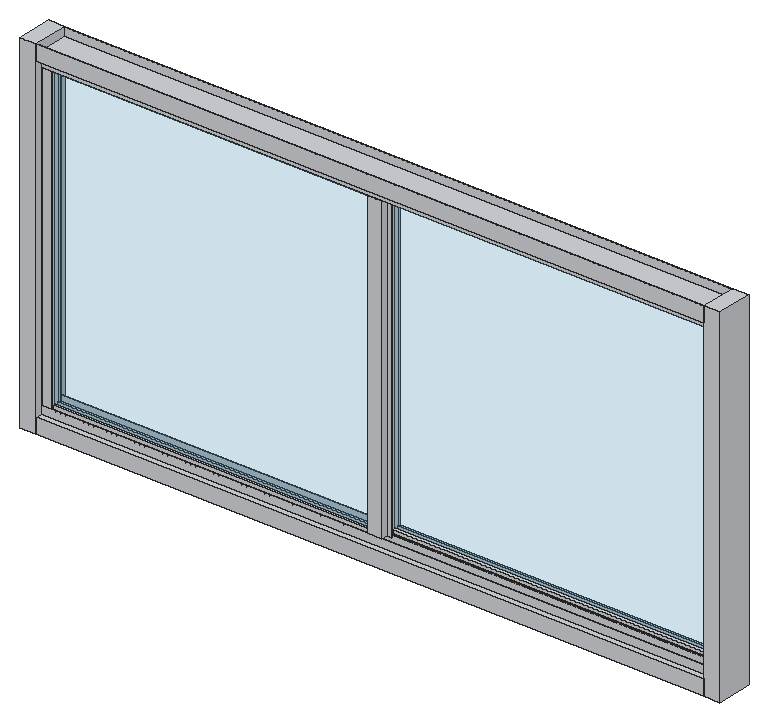
Revit family "MT-VMS_DB-SG_OX", category Windows, host Wall, Revit 2017
Family settings
  Host = Wall
  OmniClass Number = 23.30.20.00
  OmniClass Title = Windows
  Always vertical = Yes
  Cut with Voids When Loaded = No
  Shared = No
  Room Calculation Point = No
Parameters
  YEAR = "2019"  # constant formula
  WARNING = if(or(Height = Max Height, Width = Max Width), 1 = 1, 1 = 0)  # no
  VERSION = "2.1"  # constant formula
  URL = "WWW.ALSPEC.COM.AU"
  TOLERANCE = 10 mm
  TODAYS DATE = "2/12/2018"  # constant formula
  SINGLE GLAZED THICKNESS = 5 mm
  Rough Width = 2000 mm
  Rough Height = 1000 mm
  OFFSET = 30 mm
  Model = "VIEWMAX SLIDING WINDOW"  # constant formula
  Max Width = if([76mm FRAME THICKNESS], ((MAX PANEL WIDTH + 31 mm) * 2), ((MAX PANEL WIDTH + 40 mm) * 2))  # 2480 mm
  Max Height = if([76mm FRAME THICKNESS], (MAX PANEL HEIGHT + 41 mm + 36 mm), (MAX PANEL HEIGHT + 50 mm + 56 mm))  # 1706 mm
  MAX PANEL WIDTH = 1200 mm  # constant formula
  MAX PANEL HEIGHT = 1600 mm  # constant formula
  Height = if(Rough Height > Max Height, Max Height, Rough Height)  # 1000 mm
  GLAZED MATERIAL = Glass
  FRAME MATERIAL = none
  Default Sill Height = 900 mm
  Wall Closure = By host
  Width = if(Rough Width > Max Width, Max Width, Rough Width)  # 2000 mm
  DOUBLE GLAZED THICKNESS = 15 mm
  DOUBLE GLAZED = no
  CREATOR = "SCOTT ISOUARD"  # constant formula
  COMPANY = "ARCHVIS"  # constant formula
  Analytic Construction = "<None>"
  ANZRC COMPLIANT = "YES"  # constant formula
  AIR POCKET = 5 mm
  76mm FRAME THICKNESS = not([101.6mm FRAME THICKNESS])  # no
  101.6mm FRAME THICKNESS = yes
Reference planes
  plane 1 "Center (Front/Back)": y = 0
  plane 2 "Center (Left/Right)": x = 0
  plane 3 "Left": x = -1000
  plane 4 "Right": x = 1000
  plane 5 "Sill": z = 900
  plane 6 "Head": z = 1900
  plane 7 "Exterior": y = 100
  plane 8 "Interior": y = -100
  plane 9: y = 70
  plane 10: x = -1010
  plane 11: x = 1010
  plane 12: z = 890
  plane 13: z = 1910
Lines and regions (mm)
  Opening 1
    outline origin (3500, -100, 0) x (1, 0, 0) y (0, 0, 1)
      loop
        line (-2490, 890) -> (-2490, 1910) -> (-4510, 1910) -> (-4510, 890) -> (-2490, 890)
Text (mm)
  text "EXTERIOR" at (-1963.203, 1332.353, 0), in view "Ref. Level"
  text "INTERIOR" at (-1981.466, -818.386, 0), in view "Ref. Level"
  text "Exterior" at (0, 923.751, 2943.296), in view "Right"
  text "Exterior" at (0, 1040.484, 2685.409), in view "Left"
Dimensions and locks
  equal spacing: plane 3 "Left", plane 2 "Center (Left/Right)", plane 4 "Right"
  "Width": plane 3 "Left" to plane 4 "Right"
  "Height": plane 5 "Sill" to plane 6 "Head"
  "Default Sill Height": plane 5 "Sill" to level
  locked: plane 7 "Exterior" to host wall at 0
  locked: plane 8 "Interior" to host wall
  "OFFSET": plane 9 to plane 7 "Exterior"
  "TOLERANCE": plane 10 to plane 3 "Left"
  "TOLERANCE": plane 4 "Right" to plane 11
  "TOLERANCE": plane 6 "Head" to plane 13
  "TOLERANCE": plane 12 to plane 5 "Sill"
  aligned and locked: Opening 1 sketch curve to plane 13
  aligned and locked: Opening 1 sketch curve to plane 11
  aligned and locked: Opening 1 sketch curve to plane 12
  aligned and locked: Opening 1 sketch curve to plane 10
  aligned and locked: nested 1 to plane 2 "Center (Left/Right)"
  aligned and locked: nested 2 to plane 2 "Center (Left/Right)"
  aligned and locked: nested 2 to plane 9
  aligned and locked: nested 2 to plane 5 "Sill"
  aligned and locked: nested 3 to plane 5 "Sill"
  aligned and locked: nested 3 to plane 2 "Center (Left/Right)"
  aligned and locked: nested 3 to plane 9
Nested families
  nested 1: "WARNING TAG" at (0, -1836.503, 0), MAX.WIDTH <- "MAX PANEL WIDTH", visible <- "WARNING", type "WARNING TAG"
    with MAX.WIDTH 1200 mm
  nested 2: "VMS_DB-SG_OX_76mm" at (0, 70, 900), visible <- "76mm FRAME THICKNESS", Sash Material <- "FRAME MATERIAL", type "VMS_DB-SG_OX_76mm"
  nested 3: "VMS_DB-SG_OX_101mm" at (0, 70, 900), visible <- "101.6mm FRAME THICKNESS", Sash Material <- "FRAME MATERIAL", type "VMS_DB-SG_OX_101mm"
Definition of nested family "VMS_DB-SG_OX_76mm"
  Parameters (values of type "VMS_DB-SG_OX_76mm")
    WIDTH = 2000 mm
    Sash Material [instance] = none
    SINGLE GLAZED THICKNESS = 5 mm
    PANEL WIDTH = (WIDTH / 2 - 31 mm)  # 969 mm
    PANEL HEIGHT = HEIGHT - 36 mm - 41 mm  # 923 mm
    HEIGHT = 1000 mm
    HAFT PANEL WIDTH = (PANEL WIDTH + 1 mm - 1 mm) / 2 + 1.8 mm  # 486.3 mm
    GLAZED MATERIAL = none
    FRAME WIDTH = 35 mm  # constant formula
    FRAME THICKNESS = 76 mm  # constant formula
    FRAME MATERIAL = none
    DOUBLE GLAZED THICKNESS = 15 mm
    DOUBLE GLAZED = no
    AIR POCKET = 5 mm
  Reference planes
    plane 1 "Center (Front/Back)": y = 0
    plane 2: z = 0
    plane 3 "Center (Left/Right)": x = 0
    plane 4: y = -76
    plane 5: x = -1000
    plane 6: x = 1000
    plane 7: x = -965
    plane 8: x = 965
    plane 9: z = 1000
    plane 10: z = 36
    plane 11: z = 959
    plane 12: y = -54
    plane 13: y = -22
    plane 14: x = -478.7
    plane 15: x = 478.7
  Forms (mm)
    Extrusion 1, solid, material <- "Sash Material"
      sketch origin (0, 0, 0) x (1, 0, 0) y (0, 1, 0)
        loop
          line (-1000, 0) -> (-1000, -76) -> (-965, -76) -> (-965, 0) -> (-1000, 0)
        loop
          line (965, 0) -> (965, -76) -> (1000, -76) -> (1000, 0) -> (965, 0)
      from 0 to 1000
    Sweep 2, solid, material <- "Sash Material"
      path origin (0, 0, 0) x (1, 0, 0) y (0, 0, 1)
        loop
          line (965, 1000) -> (-965, 1000)
      profile "VMS_VM8_HEAD DETAIL : VMS_VM8_HEAD DETAIL" origin (0, 0, 1000) x (0, 0, -1) y (0, -1, 0)
        loop
          line (0, 0) -> (35, 0) -> (35, 5.5) -> (59, 5.5) -> (59, 7.3) -> (33.2, 7.3) -> (33.2, 1.8) -> (16.1, 1.8) -> (16.1, 37.2) -> (59, 37.2) -> (59, 38.8) -> (16.1, 38.8) -> (16.1, 74.2) -> (33.2, 74.2) -> (33.2, 68.7) -> (59, 68.7) -> (59, 70.5) -> (35, 70.5) -> (35, 76) -> (0, 76) -> (0, 74.5) -> (14.5, 74.5) -> (14.5, 1.5) -> (0, 1.5) -> (0, 0)
    Sweep 3, solid, material <- "Sash Material"
      path origin (0, 0, 0) x (1, 0, 0) y (0, 0, 1)
        loop
          line (965, 0) -> (-965, 0)
      profile "VMS_VM10_BOT DETAIL : VMS_VM10_BOT DETAIL" origin (0, 0, 0) x (0, 0, -1) y (0, -1, 0)
        loop
          line (-14.448, 1.5) -> (-14.448, 38) -> (-18.196, 38) -> (-18.196, 74.4) -> (0, 74.4) -> (0, 76) -> (-27.256, 76) -> (-31.278, 70.723) -> (-56.143, 70.723) -> (-56.143, 68.723) -> (-31.278, 68.723) -> (-31.278, 38.823) -> (-56.143, 38.823) -> (-56.143, 37.223) -> (-31.278, 37.223) -> (-31.278, 7.323) -> (-56.143, 7.323) -> (-56.143, 5.323) -> (-31.278, 5.323) -> (-27.291, 0) -> (0, 0) -> (0, 1.5) -> (-14.448, 1.5)
        loop
          line (-29.678, 70.183) -> (-29.678, 5.689) -> (-26.54, 1.5) -> (-15.948, 1.5) -> (-15.948, 36.6) -> (-19.696, 36.6) -> (-19.696, 74.4) -> (-26.464, 74.4) -> (-29.678, 70.183)
    Sweep 4, solid, material <- "Sash Material"
      path origin (0, 0, 0) x (1, 0, 0) y (0, 0, 1)
        loop
          line (-965, 941) -> (-965, 56.143)
      profile "VMS_VM11_SILL DETAIL : VMS_VM11_SILL DETAIL" origin (-965, 0, 498.571) x (1, 0, 0) y (0, -1, 0)
        loop
          line (0, 37.2) -> (29.712, 37.2) -> (29.712, 38.8) -> (1.8, 38.8) -> (1.8, 68.7) -> (29.712, 68.7) -> (29.712, 70.7) -> (0, 70.7) -> (0, 37.2)
    Sweep 5, solid, material <- "Sash Material"
      path origin (0, 0, 0) x (1, 0, 0) y (0, 0, 1)
        loop
          line (965, 941) -> (965, 56.143)
      profile "VMS_VM12_SILL DETAIL : VMS_VM12_SILL DETAIL" origin (965, 0, 498.571) x (1, 0, 0) y (0, -1, 0)
        loop
          line (-1.5, 37.2) -> (-1.5, 7.3) -> (-29.712, 7.3) -> (-29.712, 5.3) -> (0, 5.3) -> (0, 70.7) -> (-7.5, 70.7) -> (-7.5, 69) -> (-1.5, 69) -> (-1.5, 55.4) -> (-15, 55.4) -> (-15, 53.9) -> (-1.5, 53.9) -> (-1.5, 38.8) -> (-29.712, 38.8) -> (-29.712, 37.2) -> (-1.5, 37.2)
    Sweep 6, solid, material <- "Sash Material"
      path origin (-870.249, -54, 1200) x (-1, 0, 0) y (0, 0, 1)
        loop
          line (-870.249, -259) -> (-870.249, -1143.857)
      profile "VMS_VM9_INTERLOCK : VMS_VM9_INTERLOCK" origin (0, -54, 498.571) x (-1, 0, 0) y (0, 1, 0)
        loop
          line (19.712, -13.356) -> (-18.2, -13.356) -> (-18.2, 13.544) -> (19.712, 13.544) -> (19.712, 15.044) -> (-18.2, 15.044) -> (-18.2, 18.379) -> (-8.692, 19.257) -> (-8.692, 20.102) -> (-20, 20.102) -> (-20, -0.056) -> (-35, -0.056) -> (-35, -1.556) -> (-20, -1.556) -> (-20, -16.856) -> (19.712, -16.856) -> (19.712, -13.356)
  Lines and regions (mm)
    Masking region 1, detail levels coarse
      outline origin (0, 0, 0) x (1, 0, 0) y (0, 1, 0)
        loop
          line (-1000, 0) -> (-1000, -76) -> (-965, -76) -> (-965, 0) -> (-1000, 0)
        loop
          line (965, 0) -> (965, -76) -> (1000, -76) -> (1000, 0) -> (965, 0)
    Masking region 2, detail levels coarse
      outline origin (0, 0, 0) x (0, 1, 0) y (0, 0, 1)
        loop
          line (-76, 959) -> (0, 959) -> (0, 1000) -> (-76, 1000) -> (-76, 959)
        loop
          line (0, 27.291) -> (-5.323, 31.278) -> (-5.323, 36) -> (-70.723, 36) -> (-70.723, 31.278) -> (-76, 27.256) -> (-76, 0) -> (0, 0) -> (0, 27.291)
    symbolic lines
      curve 1: line (-965, 0, 0) -> (965, 0, 0)
      curve 2: line (-965, -76, 0) -> (965, -76, 0)
  Dimensions and locks
    equal spacing: plane 5, plane 3 "Center (Left/Right)", plane 6
    "FRAME THICKNESS": plane 4 to plane 1 "Center (Front/Back)"
    "FRAME WIDTH": plane 5 to plane 7
    "FRAME WIDTH": plane 8 to plane 6
    "WIDTH": plane 5 to plane 6
    "HEIGHT": plane 9 to plane 2
    locked: plane 9 to plane 11 at 41
    plane 10 to plane 2 = 36 mm
    locked: plane 13 to plane 1 "Center (Front/Back)" at 22
    locked: plane 12 to plane 4 at 22
    "HAFT PANEL WIDTH": plane 7 to plane 14
    "HAFT PANEL WIDTH": plane 15 to plane 8
    aligned and locked: level to plane 2
    aligned and locked: plane 1 "Center (Front/Back)" to Extrusion 1 sketch curve  (x2)
    aligned and locked: plane 5 to Extrusion 1 sketch curve
    aligned and locked: plane 4 to Extrusion 1 sketch curve  (x2)
    aligned and locked: Extrusion 1 sketch curve to plane 7
    aligned and locked: plane 8 to Extrusion 1 sketch curve
    aligned and locked: Extrusion 1 sketch curve to plane 6
    aligned and locked: plane 9 to Extrusion 1
    aligned and locked: Extrusion 1 to level
    aligned and locked: plane 9 to Sweep 2 sketch curve
    aligned and locked: plane 8 to Sweep 2 sketch curve
    aligned and locked: plane 7 to Sweep 2 sketch curve
    aligned and locked: plane 2 to Sweep 3 sketch curve
    aligned and locked: plane 8 to Sweep 3 sketch curve
    aligned and locked: plane 7 to Sweep 3 sketch curve
    aligned and locked: Sweep 4 sketch curve to plane 7
    aligned and locked: Sweep 4 sketch curve to Sweep 2
    aligned and locked: Sweep 3 to Sweep 4 sketch curve
    aligned and locked: Sweep 5 sketch curve to plane 8
    aligned and locked: Sweep 2 to Sweep 5 sketch curve
    aligned and locked: Sweep 5 sketch curve to Sweep 3
    aligned and locked: plane 15 to nested 1
    aligned and locked: nested 1 to plane 10
    aligned and locked: nested 1 to plane 13
    aligned and locked: plane 14 to nested 2
    aligned and locked: plane 12 to nested 2
    aligned and locked: nested 2 to plane 10
    aligned and locked: nested 3 to plane 7
    aligned and locked: Sweep 4 to nested 3
    aligned and locked: plane 3 "Center (Left/Right)" to Sweep 6 sketch curve
    aligned and locked: Sweep 2 to Sweep 6 sketch curve
    aligned and locked: Sweep 3 to Sweep 6 sketch curve
    aligned and locked: plane 7 to curve 1
    aligned and locked: plane 8 to curve 1
    aligned and locked: plane 8 to curve 2
    aligned and locked: plane 7 to curve 2
    aligned and locked: plane 1 "Center (Front/Back)" to curve 1
    aligned and locked: curve 2 to plane 4
    aligned and locked: Masking region 1 sketch curve to Extrusion 1  (x4)
    aligned and locked: Masking region 1 sketch curve to Sweep 3  (x3)
    aligned and locked: Sweep 3 to Masking region 1 sketch curve
    aligned and locked: plane 1 "Center (Front/Back)" to nested 4
    aligned and locked: nested 4 to plane 7
    aligned and locked: plane 8 to nested 5
    aligned and locked: plane 1 "Center (Front/Back)" to nested 5
    aligned and locked: plane 7 to nested 6
    aligned and locked: plane 1 "Center (Front/Back)" to nested 6
    aligned and locked: nested 7 to plane 8
    aligned and locked: plane 1 "Center (Front/Back)" to nested 7
    aligned and locked: Masking region 2 sketch curve to plane 11
    aligned and locked: Masking region 2 sketch curve to plane 4
    aligned and locked: Masking region 2 sketch curve to Extrusion 1  (x2)
    aligned and locked: Extrusion 1 to Masking region 2 sketch curve
    aligned and locked: Masking region 2 sketch curve to Sweep 3  (x3)
    aligned and locked: Masking region 2 sketch curve to nested 1
    aligned and locked: Sweep 3 to Masking region 2 sketch curve
    aligned and locked: nested 8 to plane 9
    aligned and locked: plane 4 to nested 8
    aligned and locked: nested 9 to plane 9
    aligned and locked: plane 4 to nested 9
    aligned and locked: nested 10 to plane 2
    aligned and locked: plane 4 to nested 10
    aligned and locked: nested 11 to level
    aligned and locked: nested 11 to Extrusion 1
  Automatic sketch dimensions
    plane 1 "Center (Front/Back)" to Masking region 2 sketch curve = 5.323 mm
    Masking region 2 sketch curve to plane 10 = 4.722 mm
    Masking region 2 sketch curve to Masking region 2 sketch curve = 3.988 mm
  Nested families
    nested 1: "VMS_DB-SG_GLAZED PANEL" at (478.7, -22, 36), Sash Material <- "FRAME MATERIAL", type "VMS_DB-SG_GLAZED PANEL"
      with OPEN yes
    nested 2: "VMS_DB-SG_GLAZED PANEL" at (-478.7, -54, 36) x (-1, 0, 0) z (0, 0, 1), Sash Material <- "FRAME MATERIAL", type "VMS_DB-SG_GLAZED PANEL"
      with OPEN no
    nested 3: "VMS_VM11_SILL DETAIL_FINE" at (-965, -37.2, 0) x (0, -1, 0) z (0, 0, 1), type "VMS_VM11_SILL DETAIL_FINE", detail levels fine
    nested 4: "MAIN FRAME 76MM_MEDIUM" at (-1000, 0, 0), type "MAIN FRAME 76MM_MEDIUM", detail levels medium
    nested 5: "MAIN FRAME 76MM_MEDIUM" at (1000, -76, 0) x (-1, 0, 0) z (0, 0, 1), type "MAIN FRAME 76MM_MEDIUM", detail levels medium
    nested 6: "AS1C CAVITY MAIN FRAME" at (-965, 0, 0), type "AS1C CAVITY MAIN FRAME", detail levels fine
    nested 7: "AS1C CAVITY MAIN FRAME" at (965, -76, 0) x (-1, 0, 0) z (0, 0, 1), type "AS1C CAVITY MAIN FRAME", detail levels fine
    nested 8: "VMS_VM8_HEAD DETAIL_MEDIUM" at (0, -76, 1000) x (0, 1, 0) z (1, 0, 0), type "VMS_VM8_HEAD DETAIL_MEDIUM", detail levels medium
    nested 9: "VMS_VM8_HEAD DETAIL_FINE" at (0, -76, 1000) x (0, 1, 0) z (1, 0, 0), type "VMS_VM8_HEAD DETAIL_FINE", detail levels fine
    nested 10: "VMS_VM10_BOT DETAIL_MEDIUM" at (0, -76, 0) x (0, 1, 0) z (1, 0, 0), type "VMS_VM10_BOT DETAIL_MEDIUM", detail levels medium
    nested 11: "VMS_VM10_BOT DETAIL_FINE" at (0, -76, 0) x (0, 1, 0) z (1, 0, 0), type "VMS_VM10_BOT DETAIL_FINE", detail levels fine
  Definition of nested family "VMS_DB-SG_GLAZED PANEL"
    Parameters (values of type "VMS_DB-SG_GLAZED PANEL")
      YEAR = "2018"  # constant formula
      VERSION = "2.0"  # constant formula
      TODAYS DATE = "22/11/2018"  # constant formula
      Sash Material [instance] = none
      SINGLE GLAZED THICKNESS = 5 mm
      SINGLE GLAZED = not(DOUBLE GLAZED)  # yes
      PANEL WIDTH = 969 mm
      PANEL HEIGHT = 923 mm
      OPEN [instance] = yes
      GLAZED WIDTH [instance] = 933 mm
      GLAZED RAIL MATERIAL = none
      GLAZED MATERIAL = none
      DOUBLE GLAZED THICKNESS = 15 mm
      DOUBLE GLAZED = no
      CREATOR = "Scott Isouard"  # constant formula
      COMPANY = "Archvis"  # constant formula
      Analytic Construction = "<None>"
      ANZRC COMPLIANT = "Yes"  # constant formula
      AIR POCKET = DOUBLE GLAZED THICKNESS - 10 mm  # 5 mm
    Reference planes
      plane 1 "Center (Front/Back)": y = 0
      plane 2: z = 0
      plane 3 "Center (Left/Right)": x = 0
      plane 4: x = -484.5
      plane 5: x = 484.5
      plane 6: x = -466.5
      plane 7: x = 466.5
      plane 8: z = 923
      plane 9: z = 903
      plane 10: z = 20
      plane 11: z = 461.5
      plane 12: x = -456.586
      plane 13: x = 456.5
      plane 14: z = 10
      plane 15: z = 913
    Forms (mm)
      Extrusion 1, solid, material <- "GLAZED MATERIAL", visible <- "SINGLE GLAZED"
        sketch origin (0, 0, 0) x (1, 0, 0) y (0, 1, 0)
          loop
            line (-466.5, 2.5) -> (-466.5, -2.5) -> (466.5, -2.5) -> (466.5, 2.5) -> (-466.5, 2.5)
        from 10 to 913
      Extrusion 2, solid, material <- "GLAZED MATERIAL", visible <- "DOUBLE GLAZED"
        sketch origin (0, 0, 0) x (1, 0, 0) y (0, 1, 0)
          loop
            line (-466.5, 7.5) -> (-466.5, 2.5) -> (466.5, 2.5) -> (466.5, 7.5) -> (-466.5, 7.5)
          loop
            line (-466.5, -2.5) -> (-466.5, -7.5) -> (466.5, -7.5) -> (466.5, -2.5) -> (-466.5, -2.5)
        from 10 to 913
      Sweep 3, solid, material <- "Sash Material"
        path origin (0, 0, 0) x (1, 0, 0) y (0, 0, 1)
          loop
            line (-484.5, 923) -> (-484.5, 0)
        profile "VM__PROFILE_SACH SILL : VM__PROFILE_SACH SILL" origin (-484.5, 0, 461.5) x (1, 0, 0) y (0, -1, 0)
          loop
            line (0, 13.45) -> (0, -13.45) -> (28, -13.45) -> (28, -9.95) -> (10, -9.95) -> (10, 9.95) -> (28, 9.95) -> (28, 13.45) -> (0, 13.45)
      Sweep 4, solid, material <- "Sash Material"
        path origin (0, 0, 0) x (1, 0, 0) y (0, 0, 1)
          loop
            line (484.5, 923) -> (484.5, 0)
        profile "VM__PROFILE_SACH SILL : VM__PROFILE_SACH SILL" origin (484.5, 0, 461.5) x (1, 0, 0) y (0, -1, 0)
          loop
            line (0, 13.45) -> (-28, 13.45) -> (-28, 9.95) -> (-10, 9.95) -> (-10, -9.95) -> (-28, -9.95) -> (-28, -13.45) -> (0, -13.45) -> (0, 13.45)
      Sweep 5, solid, material <- "Sash Material"
        path origin (0, 0, 0) x (1, 0, 0) y (0, 0, 1)
          loop
            line (-456.586, 923) -> (456.5, 923)
        profile "VM__PROFILE_GLAZED RAIL : VM__PROFILE_GLAZED RAIL" origin (-0.043, 0, 923) x (0, 0, 1) y (0, -1, 0)
          loop
            line (-5.417, -13.45) -> (0, -8.033) -> (0, 8.033) -> (-5.417, 13.45) -> (-19.826, 13.45) -> (-19.826, 6.25) -> (-10, 6.25) -> (-10, -6.25) -> (-19.826, -6.25) -> (-19.826, -13.45) -> (-5.417, -13.45)
      Sweep 6, solid, material <- "Sash Material"
        path origin (0, 0, 0) x (1, 0, 0) y (0, 0, 1)
          loop
            line (456.5, 0) -> (-456.586, 0)
        profile "VM__PROFILE_GLAZED RAIL : VM__PROFILE_GLAZED RAIL" origin (-0.043, 0, 0) x (0, 0, -1) y (0, -1, 0)
          loop
            line (-5.417, -13.45) -> (0, -8.033) -> (0, 8.033) -> (-5.417, 13.45) -> (-19.826, 13.45) -> (-19.826, 6.25) -> (-10, 6.25) -> (-10, -6.25) -> (-19.826, -6.25) -> (-19.826, -13.45) -> (-5.417, -13.45)
    Lines and regions (mm)
      Masking region 1, detail levels coarse
        outline origin (0, 0, 0) x (1, 0, 0) y (0, 1, 0)
          loop
            line (-456.586, 13.45) -> (-484.5, 13.45) -> (-484.5, -13.45) -> (-456.586, -13.45) -> (-456.586, 13.45)
          loop
            line (456.5, 13.45) -> (456.5, -13.45) -> (484.5, -13.45) -> (484.5, 13.45) -> (456.5, 13.45)
      Masking region 2, detail levels coarse
        outline origin (0, 0, 0) x (0, 1, 0) y (0, 0, 1)
          loop
            line (13.45, 923) -> (-13.45, 923) -> (-13.45, 903.174) -> (13.45, 903.174) -> (13.45, 923)
          loop
            line (13.45, 20) -> (-13.45, 20) -> (-13.45, 0) -> (13.45, 0) -> (13.45, 20)
      model lines, visible <- "OPEN", not visible
        curve 1: line (116.296, -13.45, 713.931) -> (-19.098, -13.45, 715.656)
        curve 2: line (-134.348, -13.45, 741.334) -> (8.162, -13.45, 666.42)
        curve 3: line (8.162, -13.45, 666.42) -> (-19.098, -13.45, 715.656)
        curve 4: line (116.912, -13.45, 762.344) -> (-18.481, -13.45, 764.068)
        curve 5: line (-134.348, -13.45, 741.334) -> (10.023, -13.45, 812.593)
        curve 6: line (10.023, -13.45, 812.593) -> (-18.481, -13.45, 764.068)
        curve 7: line (116.296, -13.45, 713.931) -> (116.912, -13.45, 762.344)
        curve 8: line (116.604, -13.45, 738.138) -> (-134.348, -13.45, 741.334)
        curve 9: line (-2.207, 13.452, 837.659) -> (-4.793, 13.452, 634.675)
      model lines, visible <- "OPEN"
        curve 10: line (120.069, -13.45, 485.708) -> (-15.335, -13.45, 485.708)
        curve 11: line (-130.903, -13.45, 461.5) -> (12.549, -13.45, 534.592)
        curve 12: line (12.549, -13.45, 534.592) -> (-15.335, -13.45, 485.708)
        curve 13: line (120.069, -13.45, 437.292) -> (-15.335, -13.45, 437.292)
        curve 14: line (-130.903, -13.45, 461.5) -> (12.549, -13.45, 388.408)
        curve 15: line (12.549, -13.45, 388.408) -> (-15.335, -13.45, 437.292)
        curve 16: line (120.069, -13.45, 485.708) -> (120.069, -13.45, 437.292)
        curve 17: line (120.069, -13.45, 461.5) -> (-130.903, -13.45, 461.5)
        curve 18: line (0, 13.452, 363.5) -> (0, 13.452, 566.5)
      symbolic lines
        curve 19: line (-470.586, 13.45, 0) -> (470.588, 13.45, 0)
        curve 20: line (-470.586, -13.45, 0) -> (466.5, -13.45, 0)
        curve 21: line (0, 13.45, 913) -> (0, 13.45, 10)
        curve 22: line (0, -13.45, 913) -> (0, -13.45, 10)
      symbolic lines, visible <- "OPEN"
        curve 23: line (150, 93.622, 0) -> (-150, 93.622, 0)
        curve 24: line (-150, 93.622, 0) -> (-70.45, 173.171, 0)
    Dimensions and locks
      equal spacing: plane 4, plane 3 "Center (Left/Right)", plane 5
      "PANEL WIDTH": plane 4 to plane 5
      "PANEL HEIGHT": plane 8 to plane 2
      equal spacing: Extrusion 1 sketch curve, plane 1 "Center (Front/Back)", Extrusion 1 sketch curve
      "SINGLE GLAZED THICKNESS": Extrusion 1 sketch curve to Extrusion 1 sketch curve
      equal spacing: plane 8, plane 11, plane 2
      equal spacing: Extrusion 2 sketch curve, plane 1 "Center (Front/Back)", Extrusion 2 sketch curve  (x2)
      "AIR POCKET": Extrusion 2 sketch curve to Extrusion 2 sketch curve
      "DOUBLE GLAZED THICKNESS": Extrusion 2 sketch curve to Extrusion 2 sketch curve
      locked: plane 4 to plane 12 at 27.914
      locked: plane 13 to plane 5 at 28
      locked: plane 8 to plane 9 at 20
      locked: plane 4 to plane 6 at 18
      locked: plane 7 to plane 5 at 18
      "GLAZED WIDTH": plane 6 to plane 7
      locked: plane 10 to plane 2 at 20
      locked: plane 14 to plane 2 at 10
      locked: plane 8 to plane 15 at 10
      locked: curve 23 to Sweep 5 at 80.172
      equal spacing: curve 24, plane 3 "Center (Left/Right)", curve 23
      aligned and locked: level to plane 2
      aligned and locked: plane 6 to Extrusion 2 sketch curve  (x2)
      aligned and locked: Extrusion 2 sketch curve to plane 7  (x2)
      aligned and locked: plane 4 to Sweep 3 sketch curve
      aligned and locked: plane 2 to Sweep 3 sketch curve
      aligned and locked: plane 8 to Sweep 3 sketch curve
      aligned and locked: Sweep 4 sketch curve to plane 5
      aligned and locked: plane 8 to Sweep 4 sketch curve
      aligned and locked: plane 2 to Sweep 4 sketch curve
      aligned and locked: Extrusion 1 sketch curve to plane 7
      aligned and locked: plane 6 to Extrusion 1 sketch curve
      aligned and locked: plane 11 to curve 17
      aligned and locked: plane 3 "Center (Left/Right)" to curve 18
      aligned and locked: Sweep 5 sketch curve to plane 8
      aligned and locked: plane 12 to Sweep 5 sketch curve
      aligned and locked: plane 13 to Sweep 5 sketch curve
      aligned and locked: plane 2 to Sweep 6 sketch curve
      aligned and locked: plane 13 to Sweep 6 sketch curve
      aligned and locked: plane 12 to Sweep 6 sketch curve
      aligned and locked: Sweep 5 to Masking region 1 sketch curve  (x2)
      aligned and locked: Masking region 1 sketch curve to Sweep 5  (x3)
      aligned and locked: Masking region 1 sketch curve to plane 4
      aligned and locked: Masking region 1 sketch curve to plane 5
      aligned and locked: Masking region 1 to Sweep 5
      aligned and locked: curve 20 to Sweep 5
      aligned and locked: Masking region 2 sketch curve to Sweep 4  (x2)
      aligned and locked: Sweep 4 to Masking region 2 sketch curve  (x2)
      aligned and locked: Masking region 2 sketch curve to Sweep 5  (x2)
      aligned and locked: Masking region 2 sketch curve to Sweep 6
      aligned and locked: Masking region 2 sketch curve to plane 10
      aligned and locked: nested 1 to plane 1 "Center (Front/Back)"
      aligned and locked: plane 2 to nested 1
      aligned and locked: nested 2 to plane 8
      aligned and locked: plane 1 "Center (Front/Back)" to nested 2
      aligned and locked: nested 3 to plane 8
      aligned and locked: plane 1 "Center (Front/Back)" to nested 3
      aligned and locked: plane 2 to nested 4
      aligned and locked: nested 4 to plane 1 "Center (Front/Back)"
      aligned and locked: Extrusion 2 to Sweep 6
      aligned and locked: Extrusion 2 to Extrusion 1  (x2)
      aligned and locked: nested 5 to plane 8
      aligned and locked: plane 1 "Center (Front/Back)" to nested 5
      aligned and locked: plane 2 to nested 6
      aligned and locked: nested 6 to plane 1 "Center (Front/Back)"
      aligned and locked: plane 2 to nested 7
      aligned and locked: nested 7 to plane 1 "Center (Front/Back)"
      aligned and locked: nested 8 to plane 8
      aligned and locked: plane 1 "Center (Front/Back)" to nested 8
      aligned and locked: Sweep 3 to curve 21
      aligned and locked: curve 22 to Sweep 3
      aligned and locked: curve 19 to Sweep 5
      aligned and locked: plane 7 to curve 20
      aligned and locked: plane 15 to curve 22
      aligned and locked: plane 15 to curve 21
      aligned and locked: plane 14 to curve 21
      aligned and locked: plane 14 to curve 22
      aligned and locked: plane 15 to Extrusion 2
      aligned and locked: plane 4 to nested 9
      aligned and locked: nested 9 to Sweep 3
      aligned and locked: plane 4 to nested 10
      aligned and locked: nested 10 to nested 9
      aligned and locked: plane 4 to nested 11
      aligned and locked: Masking region 1 to plane 13
      aligned and locked: plane 4 to nested 12
      aligned and locked: nested 12 to Sweep 5
      aligned and locked: plane 5 to nested 13
      aligned and locked: nested 13 to Sweep 4
      aligned and locked: plane 5 to nested 14
      aligned and locked: nested 14 to nested 13
      aligned and locked: plane 5 to nested 15
      aligned and locked: nested 14 to nested 15
      aligned and locked: plane 5 to nested 16
      aligned and locked: nested 16 to nested 15  (x2)
      aligned and locked: curve 19 to nested 16
      aligned and locked: nested 12 to curve 19
      aligned and locked: curve 20 to nested 12
    Automatic sketch dimensions
      curve 9 to curve 2 = 34.287 mm
      curve 2 to curve 7 = 118.111 mm
      curve 1 to curve 8 = 24.208 mm
      curve 3 to curve 4 = 48.416 mm
      curve 4 to curve 5 = 56.278 mm
      curve 5 to curve 9 = 27.89 mm
      curve 3 to curve 1 = 118.111 mm
      curve 6 to curve 4 = 118.111 mm
      curve 9 to curve 5 = 27.89 mm
      curve 3 to curve 2 = 56.278 mm
      curve 6 to curve 3 = 48.416 mm
      curve 8 to curve 4 = 118.076 mm
      curve 18 to curve 11 = 34.287 mm
      curve 11 to curve 16 = 118.111 mm
      curve 10 to curve 17 = 24.208 mm
      curve 12 to curve 13 = 48.416 mm
      curve 13 to curve 14 = 56.278 mm
      curve 14 to curve 18 = 27.89 mm
      curve 12 to curve 10 = 118.111 mm
      curve 15 to curve 13 = 118.111 mm
      curve 18 to curve 14 = 27.89 mm
      curve 12 to curve 11 = 56.278 mm
      curve 15 to curve 12 = 48.416 mm
      curve 17 to curve 13 = 118.076 mm
      curve 18 to curve 18 = 2.585 mm
      curve 18 to curve 18 = 202.984 mm
      curve 11 to curve 16 = 47.511 mm
      curve 11 to curve 12 = 49.235 mm
      curve 10 to curve 11 = 25.678 mm
      curve 10 to curve 16 = 48.412 mm
      curve 10 to curve 13 = 48.412 mm
      curve 13 to curve 15 = 48.525 mm
      curve 11 to curve 12 = 115.25 mm
      curve 10 to curve 15 = 0.617 mm
      curve 10 to curve 12 = 27.26 mm
      curve 13 to curve 14 = 28.505 mm
      curve 9 to curve 9 = 2.585 mm
      curve 9 to curve 9 = 202.984 mm
      curve 2 to curve 7 = 47.511 mm
      curve 2 to curve 3 = 49.235 mm
      curve 1 to curve 2 = 25.678 mm
      curve 1 to curve 7 = 48.412 mm
      curve 1 to curve 4 = 48.412 mm
      curve 4 to curve 6 = 48.525 mm
      curve 3 to curve 2 = 115.25 mm
      curve 6 to curve 1 = 0.617 mm
      curve 3 to curve 1 = 27.26 mm
      curve 5 to curve 4 = 28.505 mm
      Masking region 1 sketch curve to plane 13 = 0 mm
      curve 24 to plane 3 "Center (Left/Right)" = 70.45 mm
      curve 19 to plane 6 = 4.086 mm
      curve 20 to plane 6 = 4.086 mm
      plane 7 to curve 19 = 4.088 mm
      curve 23 to curve 24 = 79.55 mm
      curve 24 to curve 24 = 79.55 mm
    Nested families
      nested 1: "VM62_DOUBLE GLAZE RAIL_Mid detail" at (0, 0, 0) x (0, 0, 1) z (1, 0, 0), visible <- "DOUBLE GLAZED", type "VM62_DOUBLE GLAZE RAIL_Mid detail", detail levels medium
      nested 2: "VM62_DOUBLE GLAZE RAIL_Mid detail" at (0, 0, 923) x (0, 0, -1) z (1, 0, 0), visible <- "DOUBLE GLAZED", type "VM62_DOUBLE GLAZE RAIL_Mid detail", detail levels medium
      nested 3: "VM62_SGL GLAZE RAIL_Mid detail" at (0, 0, 923) x (0, 0, -1) z (1, 0, 0), visible <- "SINGLE GLAZED", type "VM62_SGL GLAZE RAIL_Mid detail", detail levels medium
      nested 4: "VM62_SGL GLAZE RAIL_Mid detail" at (0, 0, 0) x (0, 0, 1) z (1, 0, 0), visible <- "SINGLE GLAZED", type "VM62_SGL GLAZE RAIL_Mid detail", detail levels medium
      nested 5: "vm1_single glaze rail" at (0, 0, 923) x (0, 0, -1) z (1, 0, 0), visible <- "SINGLE GLAZED", type "vm1_single glaze rail", detail levels fine
      nested 6: "vm1_single glaze rail" at (0, 0, 0) x (0, 0, 1) z (1, 0, 0), visible <- "SINGLE GLAZED", type "vm1_single glaze rail", detail levels fine
      nested 7: "VM62_DOUBLE GLAZE RAIL" at (0, 0, 0) x (0, 0, 1) z (1, 0, 0), visible <- "DOUBLE GLAZED", type "VM62_DOUBLE GLAZE RAIL", detail levels fine
      nested 8: "VM62_DOUBLE GLAZE RAIL" at (0, 0, 923) x (0, 0, -1) z (1, 0, 0), visible <- "DOUBLE GLAZED", type "VM62_DOUBLE GLAZE RAIL", detail levels fine
      nested 9: "VMS_V3_SGL_FINE" at (-484.5, 13.45, 0), visible <- "SINGLE GLAZED", type "VMS_V3_SGL_FINE", detail levels fine
      nested 10: "VMS_V3_SGL_MEDIUM" at (-484.5, 13.45, 0), visible <- "SINGLE GLAZED", type "VMS_V3_SGL_MEDIUM", detail levels medium
      nested 11: "VMS_VM64_SILL DETAIL_FINE" at (-484.5, 13.45, 0), visible <- "DOUBLE GLAZED", type "VMS_VM64_SILL DETAIL_FINE", detail levels fine
      nested 12: "VMS_VM64_SILL DETAIL_MEDIUM" at (-484.5, 13.45, 0), visible <- "DOUBLE GLAZED", type "VMS_VM64_SILL DETAIL_MEDIUM", detail levels medium
      nested 13: "VMS_VM5_SILL DETAIL_FINE" at (484.5, -13.45, 0) x (0, 1, 0) z (0, 0, 1), visible <- "SINGLE GLAZED", type "VMS_VM5_SILL DETAIL_FINE", detail levels fine
      nested 14: "VMS_VM5_SILL DETAIL_MEDIUM" at (484.5, -13.45, 0) x (0, 1, 0) z (0, 0, 1), visible <- "SINGLE GLAZED", type "VMS_VM5_SILL DETAIL_MEDIUM", detail levels medium
      nested 15: "VMS_VM66_SILL DETAIL_FINE" at (484.5, -13.45, 0) x (0, 1, 0) z (0, 0, 1), visible <- "DOUBLE GLAZED", type "VMS_VM66_SILL DETAIL_FINE", detail levels fine
      nested 16: "VMS_VM66_SILL DETAIL_MEDIUM" at (484.554, -13.45, 0) x (0, 1, 0) z (0, 0, 1), visible <- "DOUBLE GLAZED", type "VMS_VM66_SILL DETAIL_MEDIUM", detail levels medium
    Definition of nested family "VM62_DOUBLE GLAZE RAIL_Mid detail"
      Reference planes
        plane 1 "Center (Front/Back)": y = 0
        plane 2: z = 0
        plane 3 "Center (Left/Right)": x = 0
        plane 4: x = 10
      Lines and regions (mm)
        detail lines, in view "Ref. Level"
          curve 1: line (19.826, 13.45, 0) -> (19.826, 10.52, 0)
          curve 2: line (19.826, 10.52, 0) -> (10, 10.52, 0)
          curve 3: line (10, -10.52, 0) -> (19.826, -10.52, 0)
          curve 4: line (19.826, -10.52, 0) -> (19.826, -13.45, 0)
          curve 5: line (19.826, -13.45, 0) -> (5.417, -13.45, 0)
          curve 6: line (5.417, -13.45, 0) -> (0, -8.033, 0)
          curve 7: line (0, -8.033, 0) -> (0, 8.033, 0)
          curve 8: line (0, 8.033, 0) -> (5.417, 13.45, 0)
          curve 9: line (5.417, 13.45, 0) -> (19.826, 13.45, 0)
          curve 10: line (10, -10.52, 0) -> (10, 10.52, 0)
      Dimensions and locks
        plane 3 "Center (Left/Right)" to plane 4 = 10 mm
    Definition of nested family "VM62_SGL GLAZE RAIL_Mid detail"
      Reference planes
        plane 1 "Center (Front/Back)": y = 0
        plane 2: z = 0
        plane 3 "Center (Left/Right)": x = 0
        plane 4: x = 10
      Lines and regions (mm)
        detail lines, in view "Ref. Level"
          curve 1: line (19.826, 13.45, 0) -> (19.826, 6.45, 0)
          curve 2: line (19.826, 6.45, 0) -> (10, 6.45, 0)
          curve 3: line (10, -6.45, 0) -> (19.826, -6.45, 0)
          curve 4: line (19.826, -6.45, 0) -> (19.826, -13.45, 0)
          curve 5: line (19.826, -13.45, 0) -> (5.417, -13.45, 0)
          curve 6: line (5.417, -13.45, 0) -> (0, -8.033, 0)
          curve 7: line (0, -8.033, 0) -> (0, 8.033, 0)
          curve 8: line (0, 8.033, 0) -> (5.417, 13.45, 0)
          curve 9: line (5.417, 13.45, 0) -> (19.826, 13.45, 0)
          curve 10: line (10, -6.45, 0) -> (10, 6.45, 0)
      Dimensions and locks
        plane 3 "Center (Left/Right)" to plane 4 = 10 mm
    Definition of nested family "vm1_single glaze rail"
      Reference planes
        plane 1 "Center (Front/Back)": y = 0
        plane 2: z = 0
        plane 3 "Center (Left/Right)": x = 0
      Lines and regions (mm)
        detail lines, in view "Ref. Level"
          curve 1: arc (5.316, -8.679, 0) -> (5.078, -8.372, 0) -> (4.771, -8.134, 0) r 1.525
          curve 2: arc (3.99, -7.925, 0) -> (3.633, -7.97, 0) -> (3.297, -8.097, 0) r 1.525
          curve 3: arc (2.647, -8.747, 0) -> (2.525, -9.062, 0) -> (2.476, -9.396, 0) r 1.525
          curve 4: arc (2.476, -9.396, 0) -> (2.18, -9.815, 0) -> (1.678, -9.711, 0) r 0.468
          curve 5: arc (0.088, -8.121, 0) -> (0.023, -8.024, 0) -> (0, -7.909, 0) r 0.3
          curve 6: arc (0, 7.909, 0) -> (0.023, 8.024, 0) -> (0.088, 8.121, 0) r 0.3
          curve 7: arc (1.678, 9.711, 0) -> (2.18, 9.815, 0) -> (2.476, 9.396, 0) r 0.468
          curve 8: arc (2.476, 9.396, 0) -> (2.525, 9.062, 0) -> (2.647, 8.747, 0) r 1.525
          curve 9: arc (3.297, 8.097, 0) -> (3.633, 7.97, 0) -> (3.99, 7.925, 0) r 1.525
          curve 10: arc (4.771, 8.134, 0) -> (5.078, 8.372, 0) -> (5.316, 8.679, 0) r 1.525
          curve 11: arc (5.525, 9.46, 0) -> (5.48, 9.817, 0) -> (5.353, 10.153, 0) r 1.525
          curve 12: arc (4.703, 10.803, 0) -> (4.388, 10.925, 0) -> (4.054, 10.974, 0) r 1.525
          curve 13: arc (4.054, 10.974, 0) -> (3.635, 11.27, 0) -> (3.739, 11.772, 0) r 0.468
          curve 14: arc (5.329, 13.362, 0) -> (5.426, 13.427, 0) -> (5.541, 13.45, 0) r 0.3
          curve 15: arc (13.831, 13.45, 0) -> (14.236, 13.045, 0) -> (13.831, 12.64, 0) r 0.405
          curve 16: arc (13.126, 11.82, 0) -> (13.214, 11.608, 0) -> (13.426, 11.52, 0) r 0.3
          curve 17: arc (13.936, 11.52, 0) -> (14.149, 11.432, 0) -> (14.236, 11.22, 0) r 0.3
          curve 18: arc (14.236, 10.62, 0) -> (14.149, 10.408, 0) -> (13.936, 10.32, 0) r 0.3
          curve 19: arc (13.426, 10.32, 0) -> (13.214, 10.232, 0) -> (13.126, 10.02, 0) r 0.3
          curve 20: arc (13.126, 8.576, 0) -> (13.214, 8.364, 0) -> (13.426, 8.276, 0) r 0.3
          curve 21: arc (18.226, 8.276, 0) -> (18.439, 8.364, 0) -> (18.526, 8.576, 0) r 0.3
          curve 22: arc (18.526, 10.02, 0) -> (18.439, 10.232, 0) -> (18.226, 10.32, 0) r 0.3
          curve 23: arc (17.716, 10.32, 0) -> (17.504, 10.408, 0) -> (17.416, 10.62, 0) r 0.3
          curve 24: arc (17.416, 11.22, 0) -> (17.504, 11.432, 0) -> (17.716, 11.52, 0) r 0.3
          curve 25: arc (18.226, 11.52, 0) -> (18.439, 11.608, 0) -> (18.526, 11.82, 0) r 0.3
          curve 26: arc (17.821, 12.64, 0) -> (17.416, 13.045, 0) -> (17.821, 13.45, 0) r 0.405
          curve 27: arc (19.026, 13.45, 0) -> (19.592, 13.216, 0) -> (19.826, 12.65, 0) r 0.8
          curve 28: arc (19.826, 6.961, 0) -> (19.751, 6.727, 0) -> (19.553, 6.581, 0) r 0.4
          curve 29: arc (18.59, 6.26, 0) -> (18.409, 6.288, 0) -> (18.326, 6.45, 0) r 0.2
          curve 30: arc (17.137, 6.284, 0) -> (16.932, 6.274, 0) -> (16.826, 6.45, 0) r 0.2
          curve 31: arc (15.637, 6.284, 0) -> (15.432, 6.274, 0) -> (15.326, 6.45, 0) r 0.2
          curve 32: arc (14.137, 6.284, 0) -> (13.932, 6.274, 0) -> (13.826, 6.45, 0) r 0.2
          curve 33: arc (13.426, 7.25, 0) -> (12.366, 7.689, 0) -> (11.926, 8.75, 0) r 1.5
          curve 34: arc (11.926, 11.75, 0) -> (11.839, 11.962, 0) -> (11.626, 12.05, 0) r 0.3
          curve 35: arc (6.463, 12.05, 0) -> (6.188, 11.87, 0) -> (6.244, 11.545, 0) r 0.3
          curve 36: arc (6.244, 11.545, 0) -> (7.057, 9.17, 0) -> (5.826, 6.982, 0) r 3.07
          curve 37: arc (5.826, 6.982, 0) -> (3.825, 6.385, 0) -> (1.905, 7.206, 0) r 3.07
          curve 38: arc (1.905, 7.206, 0) -> (1.58, 7.262, 0) -> (1.4, 6.987, 0) r 0.3
          curve 39: arc (1.4, -6.987, 0) -> (1.58, -7.262, 0) -> (1.905, -7.206, 0) r 0.3
          curve 40: arc (1.905, -7.206, 0) -> (3.825, -6.385, 0) -> (5.826, -6.982, 0) r 3.07
          curve 41: arc (5.826, -6.982, 0) -> (7.057, -9.17, 0) -> (6.244, -11.545, 0) r 3.07
          curve 42: arc (6.244, -11.545, 0) -> (6.188, -11.87, 0) -> (6.463, -12.05, 0) r 0.3
          curve 43: arc (11.626, -12.05, 0) -> (11.839, -11.962, 0) -> (11.926, -11.75, 0) r 0.3
          curve 44: arc (11.926, -8.75, 0) -> (12.366, -7.689, 0) -> (13.426, -7.25, 0) r 1.5
          curve 45: arc (13.826, -6.45, 0) -> (13.932, -6.274, 0) -> (14.137, -6.284, 0) r 0.2
          curve 46: arc (15.326, -6.45, 0) -> (15.432, -6.274, 0) -> (15.637, -6.284, 0) r 0.2
          curve 47: arc (16.826, -6.45, 0) -> (16.932, -6.274, 0) -> (17.137, -6.284, 0) r 0.2
          curve 48: arc (18.326, -6.45, 0) -> (18.409, -6.288, 0) -> (18.59, -6.26, 0) r 0.2
          curve 49: arc (19.553, -6.581, 0) -> (19.751, -6.727, 0) -> (19.826, -6.961, 0) r 0.4
          curve 50: arc (19.826, -12.65, 0) -> (19.592, -13.216, 0) -> (19.026, -13.45, 0) r 0.8
          curve 51: arc (17.821, -13.45, 0) -> (17.416, -13.045, 0) -> (17.821, -12.64, 0) r 0.405
          curve 52: arc (18.526, -11.82, 0) -> (18.439, -11.608, 0) -> (18.226, -11.52, 0) r 0.3
          curve 53: arc (17.716, -11.52, 0) -> (17.504, -11.432, 0) -> (17.416, -11.22, 0) r 0.3
          curve 54: arc (17.416, -10.62, 0) -> (17.504, -10.408, 0) -> (17.716, -10.32, 0) r 0.3
          curve 55: arc (18.226, -10.32, 0) -> (18.439, -10.232, 0) -> (18.526, -10.02, 0) r 0.3
          curve 56: arc (18.526, -8.576, 0) -> (18.439, -8.364, 0) -> (18.226, -8.276, 0) r 0.3
          curve 57: arc (13.426, -8.276, 0) -> (13.214, -8.364, 0) -> (13.126, -8.576, 0) r 0.3
          curve 58: arc (13.126, -10.02, 0) -> (13.214, -10.232, 0) -> (13.426, -10.32, 0) r 0.3
          curve 59: arc (13.936, -10.32, 0) -> (14.149, -10.408, 0) -> (14.236, -10.62, 0) r 0.3
          curve 60: arc (14.236, -11.22, 0) -> (14.149, -11.432, 0) -> (13.936, -11.52, 0) r 0.3
          curve 61: arc (13.426, -11.52, 0) -> (13.214, -11.608, 0) -> (13.126, -11.82, 0) r 0.3
          curve 62: arc (13.831, -12.64, 0) -> (14.236, -13.045, 0) -> (13.831, -13.45, 0) r 0.405
          curve 63: arc (5.541, -13.45, 0) -> (5.426, -13.427, 0) -> (5.329, -13.362, 0) r 0.3
          curve 64: arc (3.739, -11.772, 0) -> (3.635, -11.27, 0) -> (4.054, -10.974, 0) r 0.468
          curve 65: arc (4.054, -10.974, 0) -> (4.388, -10.925, 0) -> (4.703, -10.803, 0) r 1.525
          curve 66: arc (5.353, -10.153, 0) -> (5.48, -9.817, 0) -> (5.525, -9.46, 0) r 1.525
          curve 67: line (4.771, -8.134, 0) -> (4.485, -7.639, 0)
          curve 68: line (4.485, -7.639, 0) -> (3.99, -7.925, 0)
          curve 69: line (3.297, -8.097, 0) -> (2.675, -8.125, 0)
          curve 70: line (2.675, -8.125, 0) -> (2.647, -8.747, 0)
          curve 71: line (1.678, -9.711, 0) -> (0.088, -8.121, 0)
          curve 72: line (0, -7.909, 0) -> (0, 7.909, 0)
          curve 73: line (0.088, 8.121, 0) -> (1.678, 9.711, 0)
          curve 74: line (2.647, 8.747, 0) -> (2.675, 8.125, 0)
          curve 75: line (2.675, 8.125, 0) -> (3.297, 8.097, 0)
          curve 76: line (3.99, 7.925, 0) -> (4.485, 7.639, 0)
          curve 77: line (4.485, 7.639, 0) -> (4.771, 8.134, 0)
          curve 78: line (5.316, 8.679, 0) -> (5.811, 8.965, 0)
          curve 79: line (5.811, 8.965, 0) -> (5.525, 9.46, 0)
          curve 80: line (5.353, 10.153, 0) -> (5.325, 10.775, 0)
          curve 81: line (5.325, 10.775, 0) -> (4.703, 10.803, 0)
          curve 82: line (3.739, 11.772, 0) -> (5.329, 13.362, 0)
          curve 83: line (5.541, 13.45, 0) -> (13.831, 13.45, 0)
          curve 84: line (13.831, 12.64, 0) -> (13.126, 12.64, 0)
          curve 85: line (13.126, 12.64, 0) -> (13.126, 11.82, 0)
          curve 86: line (13.426, 11.52, 0) -> (13.936, 11.52, 0)
          curve 87: line (14.236, 11.22, 0) -> (14.236, 10.62, 0)
          curve 88: line (13.936, 10.32, 0) -> (13.426, 10.32, 0)
          curve 89: line (13.126, 10.02, 0) -> (13.126, 8.576, 0)
          curve 90: line (13.426, 8.276, 0) -> (18.226, 8.276, 0)
          curve 91: line (18.526, 8.576, 0) -> (18.526, 10.02, 0)
          curve 92: line (18.226, 10.32, 0) -> (17.716, 10.32, 0)
          curve 93: line (17.416, 10.62, 0) -> (17.416, 11.22, 0)
          curve 94: line (17.716, 11.52, 0) -> (18.226, 11.52, 0)
          curve 95: line (18.526, 11.82, 0) -> (18.526, 12.64, 0)
          curve 96: line (18.526, 12.64, 0) -> (17.821, 12.64, 0)
          curve 97: line (17.821, 13.45, 0) -> (19.026, 13.45, 0)
          curve 98: line (19.826, 12.65, 0) -> (19.826, 6.961, 0)
          curve 99: line (19.553, 6.581, 0) -> (18.59, 6.26, 0)
          curve 100: line (18.326, 6.45, 0) -> (18.326, 7.076, 0)
          curve 101: line (18.326, 7.076, 0) -> (17.137, 6.284, 0)
          curve 102: line (16.826, 6.45, 0) -> (16.826, 7.076, 0)
          curve 103: line (16.826, 7.076, 0) -> (15.637, 6.284, 0)
          curve 104: line (15.326, 6.45, 0) -> (15.326, 7.076, 0)
          curve 105: line (15.326, 7.076, 0) -> (14.137, 6.284, 0)
          curve 106: line (13.826, 6.45, 0) -> (13.826, 7.25, 0)
          curve 107: line (13.826, 7.25, 0) -> (13.426, 7.25, 0)
          curve 108: line (11.926, 8.75, 0) -> (11.926, 11.75, 0)
          curve 109: line (11.626, 12.05, 0) -> (6.463, 12.05, 0)
          curve 110: line (1.4, 6.987, 0) -> (1.4, -6.987, 0)
          curve 111: line (6.463, -12.05, 0) -> (11.626, -12.05, 0)
          curve 112: line (11.926, -11.75, 0) -> (11.926, -8.75, 0)
          curve 113: line (13.426, -7.25, 0) -> (13.826, -7.25, 0)
          curve 114: line (13.826, -7.25, 0) -> (13.826, -6.45, 0)
          curve 115: line (14.137, -6.284, 0) -> (15.326, -7.076, 0)
          curve 116: line (15.326, -7.076, 0) -> (15.326, -6.45, 0)
          curve 117: line (15.637, -6.284, 0) -> (16.826, -7.076, 0)
          curve 118: line (16.826, -7.076, 0) -> (16.826, -6.45, 0)
          curve 119: line (17.137, -6.284, 0) -> (18.326, -7.076, 0)
          curve 120: line (18.326, -7.076, 0) -> (18.326, -6.45, 0)
          curve 121: line (18.59, -6.26, 0) -> (19.553, -6.581, 0)
          curve 122: line (19.826, -6.961, 0) -> (19.826, -12.65, 0)
          curve 123: line (19.026, -13.45, 0) -> (17.821, -13.45, 0)
          curve 124: line (17.821, -12.64, 0) -> (18.526, -12.64, 0)
          curve 125: line (18.526, -12.64, 0) -> (18.526, -11.82, 0)
          curve 126: line (18.226, -11.52, 0) -> (17.716, -11.52, 0)
          curve 127: line (17.416, -11.22, 0) -> (17.416, -10.62, 0)
          curve 128: line (17.716, -10.32, 0) -> (18.226, -10.32, 0)
          curve 129: line (18.526, -10.02, 0) -> (18.526, -8.576, 0)
          curve 130: line (18.226, -8.276, 0) -> (13.426, -8.276, 0)
          curve 131: line (13.126, -8.576, 0) -> (13.126, -10.02, 0)
          curve 132: line (13.426, -10.32, 0) -> (13.936, -10.32, 0)
          curve 133: line (14.236, -10.62, 0) -> (14.236, -11.22, 0)
          curve 134: line (13.936, -11.52, 0) -> (13.426, -11.52, 0)
          curve 135: line (13.126, -11.82, 0) -> (13.126, -12.64, 0)
          curve 136: line (13.126, -12.64, 0) -> (13.831, -12.64, 0)
          curve 137: line (13.831, -13.45, 0) -> (5.541, -13.45, 0)
          curve 138: line (5.329, -13.362, 0) -> (3.739, -11.772, 0)
          curve 139: line (4.703, -10.803, 0) -> (5.325, -10.775, 0)
          curve 140: line (5.325, -10.775, 0) -> (5.353, -10.153, 0)
          curve 141: line (5.525, -9.46, 0) -> (5.811, -8.965, 0)
          curve 142: line (5.811, -8.965, 0) -> (5.316, -8.679, 0)
    Definition of nested family "VM62_DOUBLE GLAZE RAIL"
      Reference planes
        plane 1 "Center (Front/Back)": y = 0
        plane 2: z = 0
        plane 3 "Center (Left/Right)": x = 0
      Lines and regions (mm)
        detail lines, in view "Ref. Level"
          curve 1: arc (17.821, 12.64, 0) -> (17.416, 13.045, 0) -> (17.821, 13.45, 0) r 0.405
          curve 2: arc (19.026, 13.45, 0) -> (19.592, 13.216, 0) -> (19.826, 12.65, 0) r 0.8
          curve 3: arc (19.826, 10.711, 0) -> (19.751, 10.477, 0) -> (19.553, 10.331, 0) r 0.4
          curve 4: arc (18.59, 10.01, 0) -> (18.409, 10.038, 0) -> (18.326, 10.2, 0) r 0.2
          curve 5: arc (17.102, 10.002, 0) -> (16.915, 10.021, 0) -> (16.826, 10.187, 0) r 0.2
          curve 6: arc (15.602, 10.009, 0) -> (15.415, 10.028, 0) -> (15.326, 10.194, 0) r 0.2
          curve 7: arc (14.102, 10.016, 0) -> (13.915, 10.035, 0) -> (13.826, 10.201, 0) r 0.2
          curve 8: arc (12.726, 10.52, 0) -> (12.161, 10.754, 0) -> (11.926, 11.32, 0) r 0.8
          curve 9: arc (11.926, 11.75, 0) -> (11.839, 11.962, 0) -> (11.626, 12.05, 0) r 0.3
          curve 10: arc (6.463, 12.05, 0) -> (6.188, 11.87, 0) -> (6.244, 11.545, 0) r 0.3
          curve 11: arc (6.244, 11.545, 0) -> (7.057, 9.17, 0) -> (5.826, 6.982, 0) r 3.07
          curve 12: arc (5.826, 6.982, 0) -> (3.825, 6.385, 0) -> (1.905, 7.206, 0) r 3.07
          curve 13: arc (1.905, 7.206, 0) -> (1.58, 7.262, 0) -> (1.4, 6.987, 0) r 0.3
          curve 14: arc (1.4, -6.987, 0) -> (1.58, -7.262, 0) -> (1.905, -7.206, 0) r 0.3
          curve 15: arc (1.905, -7.206, 0) -> (3.825, -6.385, 0) -> (5.826, -6.982, 0) r 3.07
          curve 16: arc (5.826, -6.982, 0) -> (7.057, -9.17, 0) -> (6.244, -11.545, 0) r 3.07
          curve 17: arc (6.244, -11.545, 0) -> (6.188, -11.87, 0) -> (6.463, -12.05, 0) r 0.3
          curve 18: arc (11.626, -12.05, 0) -> (11.839, -11.962, 0) -> (11.926, -11.75, 0) r 0.3
          curve 19: arc (11.926, -11.32, 0) -> (12.161, -10.754, 0) -> (12.726, -10.52, 0) r 0.8
          curve 20: arc (13.826, -10.201, 0) -> (13.915, -10.035, 0) -> (14.102, -10.016, 0) r 0.2
          curve 21: arc (15.326, -10.194, 0) -> (15.415, -10.028, 0) -> (15.602, -10.009, 0) r 0.2
          curve 22: arc (16.826, -10.187, 0) -> (16.915, -10.021, 0) -> (17.102, -10.002, 0) r 0.2
          curve 23: arc (18.326, -10.2, 0) -> (18.409, -10.038, 0) -> (18.59, -10.01, 0) r 0.2
          curve 24: arc (19.553, -10.331, 0) -> (19.751, -10.477, 0) -> (19.826, -10.711, 0) r 0.4
          curve 25: arc (19.826, -12.65, 0) -> (19.592, -13.216, 0) -> (19.026, -13.45, 0) r 0.8
          curve 26: arc (17.821, -13.45, 0) -> (17.416, -13.045, 0) -> (17.821, -12.64, 0) r 0.405
          curve 27: arc (13.831, -12.64, 0) -> (14.236, -13.045, 0) -> (13.831, -13.45, 0) r 0.405
          curve 28: arc (5.541, -13.45, 0) -> (5.426, -13.427, 0) -> (5.329, -13.362, 0) r 0.3
          curve 29: arc (3.739, -11.772, 0) -> (3.635, -11.27, 0) -> (4.054, -10.974, 0) r 0.468
          curve 30: arc (4.054, -10.974, 0) -> (4.388, -10.925, 0) -> (4.703, -10.803, 0) r 1.525
          curve 31: arc (5.353, -10.153, 0) -> (5.48, -9.817, 0) -> (5.525, -9.46, 0) r 1.525
          curve 32: arc (5.316, -8.679, 0) -> (5.078, -8.372, 0) -> (4.771, -8.134, 0) r 1.525
          curve 33: arc (3.99, -7.925, 0) -> (3.633, -7.97, 0) -> (3.297, -8.097, 0) r 1.525
          curve 34: arc (2.647, -8.747, 0) -> (2.525, -9.062, 0) -> (2.476, -9.396, 0) r 1.525
          curve 35: arc (2.476, -9.396, 0) -> (2.18, -9.815, 0) -> (1.678, -9.711, 0) r 0.468
          curve 36: arc (0.088, -8.121, 0) -> (0.023, -8.024, 0) -> (0, -7.909, 0) r 0.3
          curve 37: arc (0, 7.909, 0) -> (0.023, 8.024, 0) -> (0.088, 8.121, 0) r 0.3
          curve 38: arc (1.678, 9.711, 0) -> (2.18, 9.815, 0) -> (2.476, 9.396, 0) r 0.468
          curve 39: arc (2.476, 9.396, 0) -> (2.525, 9.062, 0) -> (2.647, 8.747, 0) r 1.525
          curve 40: arc (3.297, 8.097, 0) -> (3.633, 7.97, 0) -> (3.99, 7.925, 0) r 1.525
          curve 41: arc (4.771, 8.134, 0) -> (5.078, 8.372, 0) -> (5.316, 8.679, 0) r 1.525
          curve 42: arc (5.525, 9.46, 0) -> (5.48, 9.817, 0) -> (5.353, 10.153, 0) r 1.525
          curve 43: arc (4.703, 10.803, 0) -> (4.388, 10.925, 0) -> (4.054, 10.974, 0) r 1.525
          curve 44: arc (4.054, 10.974, 0) -> (3.635, 11.27, 0) -> (3.739, 11.772, 0) r 0.468
          curve 45: arc (5.329, 13.362, 0) -> (5.426, 13.427, 0) -> (5.541, 13.45, 0) r 0.3
          curve 46: arc (13.831, 13.45, 0) -> (14.236, 13.045, 0) -> (13.831, 12.64, 0) r 0.405
          curve 47: line (13.831, 12.64, 0) -> (13.126, 12.64, 0)
          curve 48: line (13.126, 12.64, 0) -> (13.126, 11.52, 0)
          curve 49: line (13.126, 11.52, 0) -> (18.526, 11.52, 0)
          curve 50: line (18.526, 11.52, 0) -> (18.526, 12.64, 0)
          curve 51: line (18.526, 12.64, 0) -> (17.821, 12.64, 0)
          curve 52: line (17.821, 13.45, 0) -> (19.026, 13.45, 0)
          curve 53: line (19.826, 12.65, 0) -> (19.826, 10.711, 0)
          curve 54: line (19.553, 10.331, 0) -> (18.59, 10.01, 0)
          curve 55: line (18.326, 10.2, 0) -> (18.326, 10.499, 0)
          curve 56: line (18.326, 10.499, 0) -> (17.102, 10.002, 0)
          curve 57: line (16.826, 10.187, 0) -> (16.826, 10.506, 0)
          curve 58: line (16.826, 10.506, 0) -> (15.602, 10.009, 0)
          curve 59: line (15.326, 10.194, 0) -> (15.326, 10.513, 0)
          curve 60: line (15.326, 10.513, 0) -> (14.102, 10.016, 0)
          curve 61: line (13.826, 10.201, 0) -> (13.826, 10.52, 0)
          curve 62: line (13.826, 10.52, 0) -> (12.726, 10.52, 0)
          curve 63: line (11.926, 11.32, 0) -> (11.926, 11.75, 0)
          curve 64: line (11.626, 12.05, 0) -> (6.463, 12.05, 0)
          curve 65: line (1.4, 6.987, 0) -> (1.4, -6.987, 0)
          curve 66: line (6.463, -12.05, 0) -> (11.626, -12.05, 0)
          curve 67: line (11.926, -11.75, 0) -> (11.926, -11.32, 0)
          curve 68: line (12.726, -10.52, 0) -> (13.826, -10.52, 0)
          curve 69: line (13.826, -10.52, 0) -> (13.826, -10.201, 0)
          curve 70: line (14.102, -10.016, 0) -> (15.326, -10.513, 0)
          curve 71: line (15.326, -10.513, 0) -> (15.326, -10.194, 0)
          curve 72: line (15.602, -10.009, 0) -> (16.826, -10.506, 0)
          curve 73: line (16.826, -10.506, 0) -> (16.826, -10.187, 0)
          curve 74: line (17.102, -10.002, 0) -> (18.326, -10.499, 0)
          curve 75: line (18.326, -10.499, 0) -> (18.326, -10.2, 0)
          curve 76: line (18.59, -10.01, 0) -> (19.553, -10.331, 0)
          curve 77: line (19.826, -10.711, 0) -> (19.826, -12.65, 0)
          curve 78: line (19.026, -13.45, 0) -> (17.821, -13.45, 0)
          curve 79: line (17.821, -12.64, 0) -> (18.526, -12.64, 0)
          curve 80: line (18.526, -12.64, 0) -> (18.526, -11.52, 0)
          curve 81: line (18.526, -11.52, 0) -> (13.126, -11.52, 0)
          curve 82: line (13.126, -11.52, 0) -> (13.126, -12.64, 0)
          curve 83: line (13.126, -12.64, 0) -> (13.831, -12.64, 0)
          curve 84: line (13.831, -13.45, 0) -> (5.541, -13.45, 0)
          curve 85: line (5.329, -13.362, 0) -> (3.739, -11.772, 0)
          curve 86: line (4.703, -10.803, 0) -> (5.325, -10.775, 0)
          curve 87: line (5.325, -10.775, 0) -> (5.353, -10.153, 0)
          curve 88: line (5.525, -9.46, 0) -> (5.811, -8.965, 0)
          curve 89: line (5.811, -8.965, 0) -> (5.316, -8.679, 0)
          curve 90: line (4.771, -8.134, 0) -> (4.485, -7.639, 0)
          curve 91: line (4.485, -7.639, 0) -> (3.99, -7.925, 0)
          curve 92: line (3.297, -8.097, 0) -> (2.675, -8.125, 0)
          curve 93: line (2.675, -8.125, 0) -> (2.647, -8.747, 0)
          curve 94: line (1.678, -9.711, 0) -> (0.088, -8.121, 0)
          curve 95: line (0, -7.909, 0) -> (0, 7.909, 0)
          curve 96: line (0.088, 8.121, 0) -> (1.678, 9.711, 0)
          curve 97: line (2.647, 8.747, 0) -> (2.675, 8.125, 0)
          curve 98: line (2.675, 8.125, 0) -> (3.297, 8.097, 0)
          curve 99: line (3.99, 7.925, 0) -> (4.485, 7.639, 0)
          curve 100: line (4.485, 7.639, 0) -> (4.771, 8.134, 0)
          curve 101: line (5.316, 8.679, 0) -> (5.811, 8.965, 0)
          curve 102: line (5.811, 8.965, 0) -> (5.525, 9.46, 0)
          curve 103: line (5.353, 10.153, 0) -> (5.325, 10.775, 0)
          curve 104: line (5.325, 10.775, 0) -> (4.703, 10.803, 0)
          curve 105: line (3.739, 11.772, 0) -> (5.329, 13.362, 0)
          curve 106: line (5.541, 13.45, 0) -> (13.831, 13.45, 0)
    Definition of nested family "VMS_V3_SGL_FINE"
      Reference planes
        plane 1 "Center (Front/Back)": y = 0
        plane 2: z = 0
        plane 3 "Center (Left/Right)": x = 0
      Lines and regions (mm)
        model lines, in view "Ref. Level"
          curve 1: arc (27.114, -24.15, 0) -> (27.68, -23.916, 0) -> (27.914, -23.35, 0) r 0.8
          curve 2: arc (27.914, -20.411, 0) -> (27.839, -20.177, 0) -> (27.641, -20.031, 0) r 0.4
          curve 3: arc (26.677, -19.71, 0) -> (26.497, -19.738, 0) -> (26.414, -19.9, 0) r 0.2
          curve 4: arc (25.177, -19.71, 0) -> (24.997, -19.738, 0) -> (24.914, -19.9, 0) r 0.2
          curve 5: arc (23.677, -19.71, 0) -> (23.497, -19.738, 0) -> (23.414, -19.9, 0) r 0.2
          curve 6: arc (22.177, -19.71, 0) -> (21.997, -19.738, 0) -> (21.914, -19.9, 0) r 0.2
          curve 7: arc (21.914, -20.538, 0) -> (21.971, -20.713, 0) -> (22.119, -20.822, 0) r 0.3
          curve 8: arc (23.009, -21.119, 0) -> (23.157, -21.228, 0) -> (23.214, -21.404, 0) r 0.3
          curve 9: arc (23.214, -22.15, 0) -> (23.126, -22.362, 0) -> (22.914, -22.45, 0) r 0.3
          curve 10: arc (14.214, -22.45, 0) -> (14.002, -22.362, 0) -> (13.914, -22.15, 0) r 0.3
          curve 11: arc (13.914, -14.116, 0) -> (13.884, -13.963, 0) -> (13.797, -13.833, 0) r 0.4
          curve 12: arc (13.797, -13.067, 0) -> (13.884, -12.937, 0) -> (13.914, -12.784, 0) r 0.4
          curve 13: arc (13.914, -2.069, 0) -> (14.079, -1.801, 0) -> (14.392, -1.827, 0) r 0.3
